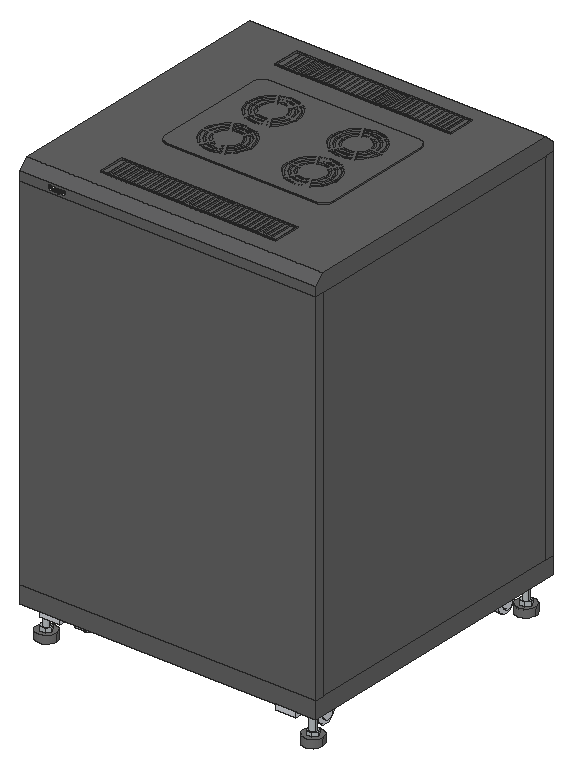
Revit family "BARPA_Norma3_LOD5", category Electrical Equipment, Revit 2016
Family settings
  Part Type = Other Panel
  Round Connector Dimension = Use Diameter
  Work Plane-Based = No
  Always vertical = Yes
  Cut with Voids When Loaded = No
  Shared = No
  Room Calculation Point = No
Parameters (values of type "Norma 3 - 15U 600x600")
  Model = "82341315606"
  Manufacturer = "BARPA"
  IfcExportType = "DATACABINET"  # constant formula
  IfcExportAs = "IfcBuildingElementProxy"  # constant formula
  Description = "Rack Norma 3 - 15U 600x600"
  Classification.Uniclass.Pr.Number [instance] = "Pr_80_77_28_21"
  Classification.Uniclass.Pr.Description [instance] = "Data equipment cabinets"
  BARPA_Width = 600 mm
  BARPA_Standard = "ANSI/EIA RS-310-D; IEC60297-2; DIN41494 Part 1 and 7"
  BARPA_Material = "SPCC Cold Rolled Steel; 19’’ rails: 2.0mm; Casters tray: 2.0mm; Others 1.2mm"
  BARPA_Loading Capacity = 800.00 kg
  BARPA_Length = 600 mm
  BARPA_Instructions Video = "https://www.youtube.com/watch?v=ZCFd8rV6CMY"
  BARPA_Instructions Manual = "https://www.barpa.eu/fotos/produtos/im_norma_4087523285b8e6837eddc6.pdf"
  BARPA_Height = 870 mm
  BARPA_Earth Connection = yes
  BARPA_EAN Code = "5608445005793"
  BARPA_Description = "Norma cabinet was designed for Networking Rooms. It’s available in a range of heights and depths and accommodate a load of up to 800 kg."
  BARPA_Declaration of Conformity = "https://www.barpa.eu/fotos/produtos/declaration_of_conformity_norma_657940406584164edab19a.pdf"
  BARPA_Datasheet = "https://www.barpa.eu/fotos/produtos/b34_racknorma_eng_1098154579584164edadc91.pdf"
  BARPA_Color = "Black (RAL9004)"
Types (29, lengths in mm): name | Model | Description | BARPA_Width | BARPA_Length | BARPA_Height | BARPA_EAN Code
  (no name) | "82341315606" | "Rack Norma 3 - 15U 600x600" | 600 | 600 | 870 | "5608445005793"
  Norma 3 - 15U 600x600 | "82341315606" | "Rack Norma 3 - 15U 600x600" | 600 | 600 | 870 | "5608445005793"
  Norma 3 - 15U 600x800 | "82341315608" | "Rack Norma 3 - 15U 600x800" | 600 | 800 | 870 | "5608445005809"
  Norma 3 - 20U 600x600 | "82341320606" | "Rack Norma 3 - 20U 600x600" | 600 | 600 | 1092 | "5608445005816"
  Norma 3 - 20U 600x800 | "82341320608" | "Rack Norma 3 - 20U 600x800" | 600 | 800 | 1092 | "5608445005823"
  Norma 3 - 24U 600x600 | "82341324606" | "Rack Norma 3 - 24U 600x600" | 600 | 600 | 1270 | "5608445005830"
  Norma 3 - 24U 600x800 | "82341324608" | "Rack Norma 3 - 24U 600x800" | 600 | 800 | 1270 | "5608445005847"
  Norma 3 - 29U 600x600 | "82341329606" | "Rack Norma 3 - 29U 600x600" | 600 | 600 | 1492 | "5608445005854"
  Norma 3 - 29U 600x800 | "82341329608" | "Rack Norma 3 - 29U 600x800" | 600 | 800 | 1492 | "5608445005861"
  Norma 3 - 33U 600x600 | "82341333606" | "Rack Norma 3 - 33U 600x600" | 600 | 600 | 1670 | "5608445005878"
  Norma 3 - 33U 600x800 | "82341333608" | "Rack Norma 3 - 33U 600x800" | 600 | 800 | 1670 | "5608445005885"
  Norma 3 - 38U 600x600 | "82341338606" | "Rack Norma 3 - 38U 600x600" | 600 | 600 | 1892 | "5608445005892"
  Norma 3 - 38U 600x800 | "82341338608" | "Rack Norma 3 - 38U 600x800" | 600 | 800 | 1892 | "5608445005908"
  Norma 3 - 38U 600x1000 | "82341338610" | "Rack Norma 3 - 38U 600x1000" | 600 | 1000 | 1892 | "5608445005915"
  Norma 3 - 38U 800x600 | "82341338806" | "Rack Norma 3 - 38U 800x600" | 800 | 600 | 1892 | "5608445005922"
  Norma 3 - 38U 800x800 | "82341338808" | "Rack Norma 3 - 38U 800x800" | 800 | 800 | 1892 | "5608445005939"
  Norma 3 - 38U 800x1000 | "82341338810" | "Rack Norma 3 - 38U 800x1000" | 800 | 1000 | 1892 | "5608445005946"
  Norma 3 - 42U 600x600 | "82341342606" | "Rack Norma 3 - 42U 600x600" | 600 | 600 | 2070 | "5608445005953"
  Norma 3 - 42U 600x800 | "82341342608" | "Rack Norma 3 - 42U 600x800" | 600 | 800 | 2070 | "5608445005960"
  Norma 3 - 42U 600x1000 | "82341342610" | "Rack Norma 3 - 42U 600x1000" | 600 | 1000 | 2070 | "5608445005977"
  Norma 3 - 42U 800x600 | "82341342806" | "Rack Norma 3 - 42U 800x600" | 800 | 600 | 2070 | "5608445005984"
  Norma 3 - 42U 800x800 | "82341342808" | "Rack Norma 3 - 42U 800x800" | 800 | 800 | 2070 | "5608445005991"
  Norma 3 - 42U 800x1000 | "82341342810" | "Rack Norma 3 - 42U 800x1000" | 800 | 1000 | 2070 | "5608445006004"
  Norma 3 - 47U 600x600 | "82341347606" | "Rack Norma 3 - 47U 600x600" | 600 | 600 | 2292 | "5608445006011"
  Norma 3 - 47U 600x800 | "82341347608" | "Rack Norma 3 - 47U 600x800" | 600 | 800 | 2292 | "5608445006028"
  Norma 3 - 47U 600x1000 | "82341347610" | "Rack Norma 3 - 47U 600x1000" | 600 | 1000 | 2292 | "5608445006035"
  Norma 3 - 47U 800x600 | "82341347806" | "Rack Norma 3 - 47U 800x600" | 800 | 600 | 2292 | "5608445006042"
  Norma 3 - 47U 800x800 | "82341347808" | "Rack Norma 3 - 47U 800x800" | 800 | 800 | 2292 | "5608445006059"
  Norma 3 - 47U 800x1000 | "82341347810" | "Rack Norma 3 - 47U 800x1000" | 800 | 1000 | 2292 | "5608445006066"
Reference planes
  plane 1 "Center (Front/Back)": y = 0
  plane 2: z = 0
  plane 3 "Center (Left/Right)": x = 0
  plane 4: x = -300
  plane 5: y = -600
  plane 6 "Top Bottom": z = 832
  plane 7: x = -283.4
  plane 8: x = 283.4
  plane 9: x = 300
  plane 10: z = 870
  plane 11: z = 98
  plane 12: y = -583.4
  plane 13: y = -16.6
  plane 14: y = -582.4
  plane 15: y = -17.6
  plane 16: z = 761
  plane 17: z = 169
  plane 18: x = 0.5
  plane 19: x = -0.5
Forms (mm)
  Extrusion 1, solid, material "Steel paint black (RAL9004)"
    sketch origin (0, 0, 0) x (1, 0, 0) y (0, 1, 0)
      loop
        line (-300, 0) -> (-300, -16.6) -> (-0.5, -16.6) -> (-0.5, 0) -> (-300, 0)
      loop
        line (300, -16.6) -> (300, 0) -> (0.5, 0) -> (0.5, -16.6) -> (300, -16.6)
      loop
        line (-300, -583.4) -> (-300, -600) -> (300, -600) -> (300, -583.4) -> (-300, -583.4)
      loop
        line (283.4, -17.6) -> (283.4, -582.4) -> (300, -582.4) -> (300, -17.6) -> (283.4, -17.6)
      loop
        line (-300, -17.6) -> (-300, -582.4) -> (-283.4, -582.4) -> (-283.4, -17.6) -> (-300, -17.6)
    from 98 to 832
Dimensions and locks
  equal spacing: plane 7, plane 3 "Center (Left/Right)", plane 8
  equal spacing: plane 4, plane 3 "Center (Left/Right)", plane 9
  "BARPA_Width": plane 4 to plane 9
  "BARPA_Length": plane 5 to plane 1 "Center (Front/Back)"
  locked: plane 5 to plane 12 at 16.6
  locked: plane 13 to plane 1 "Center (Front/Back)" at 16.6
  locked: plane 8 to plane 9 at 16.6
  locked: plane 10 to plane 6 "Top Bottom" at 38
  "BARPA_Height": plane 10 to level
  locked: plane 15 to plane 13 at 1
  locked: plane 12 to plane 14 at 1
  plane 11 to level = 98 mm
  locked: plane 6 "Top Bottom" to plane 16 at 71
  locked: plane 17 to plane 11 at 71
  equal spacing: plane 19, plane 3 "Center (Left/Right)", plane 18
  locked: plane 19 to plane 3 "Center (Left/Right)" at 0.5
  aligned and locked: level to plane 2
  aligned and locked: Extrusion 1 sketch curve to plane 5
  aligned and locked: Extrusion 1 sketch curve to plane 9  (x3)
  aligned and locked: plane 4 to Extrusion 1 sketch curve  (x3)
  aligned and locked: plane 12 to Extrusion 1 sketch curve
  aligned and locked: plane 1 "Center (Front/Back)" to Extrusion 1 sketch curve
  aligned and locked: Extrusion 1 sketch curve to plane 13
  aligned and locked: plane 15 to Extrusion 1 sketch curve  (x2)
  aligned and locked: Extrusion 1 sketch curve to plane 14  (x2)
  aligned and locked: Extrusion 1 sketch curve to plane 7
  aligned and locked: plane 8 to Extrusion 1 sketch curve
  aligned and locked: plane 3 "Center (Left/Right)" to nested 2
  aligned and locked: plane 3 "Center (Left/Right)" to nested 1
  aligned and locked: plane 1 "Center (Front/Back)" to nested 2
  aligned and locked: plane 1 "Center (Front/Back)" to nested 1
  aligned and locked: plane 18 to Extrusion 1 sketch curve
  aligned and locked: plane 19 to Extrusion 1 sketch curve
  aligned and locked: Extrusion 1 to plane 6 "Top Bottom"
  aligned and locked: plane 11 to Extrusion 1
Automatic sketch dimensions
  plane 13 to Extrusion 1 sketch curve = 0 mm
  plane 1 "Center (Front/Back)" to Extrusion 1 sketch curve = 0 mm
Nested families
  nested 1: "Norma-Base" at (0, 0, 0), type "Standard"
  nested 2: "Norma-Top Cover" at (0, 0, 832), type "Standard"
Connectors
  electrical at (-150.25, 0, 465)
    settings: on Extrusion 1, index 1, voltage 0 V, apparent load 0 VA, apparent load phase1 0 VA, apparent load phase2 0 VA, apparent load phase3 0 VA, power factor 1, load classification "Other", number of poles 1, system type 5, power factor state 1, is connector primary yes, connector utility no, sub classification motor no, connector description ""
Definition of nested family "Norma-Base"
  Parameters (values of type "Standard")
    Width = 600 mm
    Model = ""
    Material = none
    Manufacturer = ""
    Length = 600 mm
    Description = ""
    Default Elevation = 0 mm
  Reference planes
    plane 1 "Center (Front/Back)": y = 0
    plane 2: z = 0
    plane 3 "Center (Left/Right)": x = 0
    plane 4: x = -300
    plane 5: y = -600
    plane 6: x = -239
    plane 7: x = -193
    plane 8: x = 193
    plane 9: x = 239
    plane 10: x = 300
    plane 11: z = 64
    plane 12: z = 98
    plane 13: y = -44.3
    plane 14: y = -486.2
    plane 15: y = -113.8
    plane 16: y = -154
    plane 17: y = -430
    plane 18: y = -555.7
    plane 19: x = -190
    plane 20: x = 190
    plane 21: z = 62
    plane 22: z = 54
    plane 23: y = -72
    plane 24: y = -528
    plane 25: y = -570
    plane 26: x = 270
    plane 27: x = -270
    plane 28: y = -30
  Forms (mm)
    Extrusion 1, solid, material <- "Material"
      sketch origin (0, 0, 0) x (1, 0, 0) y (0, 1, 0)
        loop
          line (-300, 0) -> (-300, -600) -> (300, -600) -> (300, 0) -> (-300, 0)
      from 64 to 98
    Extrusion 2, solid, material <- "Material", detail levels fine
      sketch origin (0, 0, 0) x (1, 0, 0) y (0, 1, 0)
        loop
          arc (-180, -154) -> (-187.071, -156.929) -> (-190, -164) r 10
          line (-190, -164) -> (-190, -420)
          arc (-190, -420) -> (-187.071, -427.071) -> (-180, -430) r 10
          line (-180, -430) -> (180, -430)
          arc (180, -430) -> (187.071, -427.071) -> (190, -420) r 10
          line (190, -420) -> (190, -164)
          arc (190, -164) -> (187.071, -156.929) -> (180, -154) r 10
          line (180, -154) -> (-180, -154)
        loop
          arc (-183, -486.2) -> (-190.071, -489.129) -> (-193, -496.2) r 10
          line (-193, -496.2) -> (-193, -545.7)
          arc (-193, -545.7) -> (-190.071, -552.771) -> (-183, -555.7) r 10
          line (-183, -555.7) -> (183, -555.7)
          arc (183, -555.7) -> (190.071, -552.771) -> (193, -545.7) r 10
          line (193, -545.7) -> (193, -496.2)
          arc (193, -496.2) -> (190.071, -489.129) -> (183, -486.2) r 10
          line (183, -486.2) -> (-183, -486.2)
        loop
          arc (-183, -44.3) -> (-190.071, -47.229) -> (-193, -54.3) r 10
          line (-193, -54.3) -> (-193, -103.8)
          arc (-193, -103.8) -> (-190.071, -110.871) -> (-183, -113.8) r 10
          line (-183, -113.8) -> (183, -113.8)
          arc (183, -113.8) -> (190.071, -110.871) -> (193, -103.8) r 10
          line (193, -103.8) -> (193, -54.3)
          arc (193, -54.3) -> (190.071, -47.229) -> (183, -44.3) r 10
          line (183, -44.3) -> (-183, -44.3)
      from 62 to 64
    Sweep 3, solid
      path origin (0, 0, 0) x (1, 0, 0) y (0, 1, 0)
        loop
          line (-239, 0) -> (-239, -600)
      profile origin (-239, -300, 0) x (1, 0, 0) y (0, 0, 1)
        loop
          line (498.5, 54) -> (498.5, 64) -> (457.5, 64) -> (457.5, 54) -> (498.5, 54)
    Sweep 4, solid
      path origin (0, 0, 0) x (1, 0, 0) y (0, 1, 0)
        loop
          line (-239, 0) -> (-239, -600)
      profile origin (-239, -300, 0) x (1, 0, 0) y (0, 0, 1)
        loop
          line (-20.5, 54) -> (20.5, 54) -> (20.5, 64) -> (-20.5, 64) -> (-20.5, 54)
  Dimensions and locks
    equal spacing: plane 4, plane 3 "Center (Left/Right)", plane 10
    equal spacing: plane 7, plane 3 "Center (Left/Right)", plane 8
    "Width": plane 4 to plane 10
    "Length": plane 5 to plane 1 "Center (Front/Back)"
    equal spacing: plane 19, plane 3 "Center (Left/Right)", plane 20
    locked: plane 19 to plane 20 at 380
    locked: plane 7 to plane 8 at 386
    locked: plane 9 to plane 10 at 61
    locked: plane 4 to plane 6 at 61
    locked: plane 15 to plane 13 at 69.5
    locked: plane 18 to plane 14 at 69.5
    locked: plane 17 to plane 16 at 276
    locked: plane 5 to plane 18 at 44.3
    locked: plane 13 to plane 1 "Center (Front/Back)" at 44.3
    locked: plane 12 to plane 11 at 34
    locked: plane 11 to level at 64
    locked: plane 11 to plane 21 at 2
    locked: plane 5 to plane 24 at 72
    locked: plane 23 to plane 1 "Center (Front/Back)" at 72
    locked: plane 26 to plane 10 at 30
    locked: plane 4 to plane 27 at 30
    locked: plane 5 to plane 25 at 30
    locked: plane 28 to plane 1 "Center (Front/Back)" at 30
    locked: plane 16 to plane 1 "Center (Front/Back)" at 154
    radius of Extrusion 2 sketch curve = 10 mm  (x12)
    aligned and locked: level to plane 2
    aligned and locked: plane 1 "Center (Front/Back)" to Extrusion 1 sketch curve
    aligned and locked: Extrusion 1 sketch curve to plane 5
    aligned and locked: plane 4 to Extrusion 1 sketch curve
    aligned and locked: Extrusion 1 sketch curve to plane 10
    aligned and locked: Extrusion 1 to plane 12
    aligned and locked: plane 11 to Extrusion 1
    aligned and locked: plane 13 to Extrusion 2 sketch curve
    aligned and locked: plane 7 to Extrusion 2 sketch curve  (x2)
    aligned and locked: Extrusion 2 sketch curve to plane 8  (x2)
    aligned and locked: Extrusion 2 sketch curve to plane 15
    aligned and locked: Extrusion 2 sketch curve to plane 20
    aligned and locked: plane 16 to Extrusion 2 sketch curve
    aligned and locked: plane 19 to Extrusion 2 sketch curve
    aligned and locked: Extrusion 2 sketch curve to plane 17
    aligned and locked: plane 14 to Extrusion 2 sketch curve
    aligned and locked: Extrusion 2 sketch curve to plane 18
    aligned and locked: Extrusion 2 to plane 11
    aligned and locked: plane 21 to Extrusion 2
    aligned and locked: plane 23 to nested 1
    aligned and locked: plane 24 to nested 2
    aligned and locked: plane 24 to nested 4
    aligned and locked: plane 23 to nested 3
    aligned and locked: plane 9 to nested 4
    aligned and locked: plane 9 to nested 3
    aligned and locked: plane 6 to nested 2
    aligned and locked: plane 6 to nested 1
    aligned and locked: Sweep 3 sketch curve to plane 6
    aligned and locked: plane 1 "Center (Front/Back)" to Sweep 3 sketch curve
    aligned and locked: plane 5 to Sweep 3 sketch curve
    aligned and locked: nested 3 to Sweep 3 sketch curve
    aligned and locked: Sweep 3 sketch curve to nested 3
    aligned and locked: plane 22 to Sweep 3 sketch curve
    aligned and locked: Sweep 3 sketch curve to plane 11
    aligned and locked: Sweep 4 sketch curve to plane 6
    aligned and locked: plane 5 to Sweep 4 sketch curve
    aligned and locked: plane 1 "Center (Front/Back)" to Sweep 4 sketch curve
    aligned and locked: Sweep 4 sketch curve to nested 2
    aligned and locked: plane 22 to Sweep 4 sketch curve
    aligned and locked: nested 2 to Sweep 4 sketch curve
    aligned and locked: Sweep 4 sketch curve to plane 11
    aligned and locked: nested 8 to level
    aligned and locked: plane 11 to nested 7
    aligned and locked: nested 7 to level
    aligned and locked: plane 11 to nested 8
    aligned and locked: level to nested 8
    aligned and locked: plane 27 to nested 8
    aligned and locked: plane 27 to nested 7
    aligned and locked: nested 6 to level
    aligned and locked: plane 11 to nested 6
    aligned and locked: plane 11 to nested 5
    aligned and locked: nested 5 to level
    aligned and locked: plane 26 to nested 6
    aligned and locked: plane 26 to nested 5
    aligned and locked: plane 25 to nested 8
    aligned and locked: plane 28 to nested 7
    aligned and locked: plane 25 to nested 6
    aligned and locked: plane 28 to nested 5
  Automatic sketch dimensions
    Extrusion 2 sketch curve to plane 7 = 0 mm
  Nested families
    nested 1: "Wheel" at (-239, -72, 0), type "Wheel"
    nested 2: "Wheel" at (-239, -528, 0), type "Wheel"
    nested 3: "Wheel" at (239, -72, 0), type "Wheel"
    nested 4: "Wheel" at (239, -528, 0), type "Wheel"
    nested 5: "Adjustable Foot" at (270, -30, 0), type "Standard", detail levels fine
      with Height 64 mm
    nested 6: "Adjustable Foot" at (270, -570, 0), type "Standard", detail levels fine
      with Height 64 mm
    nested 7: "Adjustable Foot" at (-270, -30, 0), type "Standard", detail levels fine
      with Height 64 mm
    nested 8: "Adjustable Foot" at (-270, -570, 0), type "Standard", detail levels fine
      with Height 64 mm
  Definition of nested family "Wheel"
    Parameters (values of type "Wheel")
      Model = ""
      Manufacturer = ""
      Description = ""
    Reference planes
      plane 1 "Center (Front/Back)": y = 0
      plane 2: z = 0
      plane 3 "Center (Left/Right)": x = 0
      plane 4: z = 54
    Forms (mm)
      Extrusion 1, solid
        sketch origin (0, 0, 0) x (1, 0, 0) y (0, 1, 0)
          loop
            line (-20.5, 20.5) -> (-20.5, -20.5) -> (20.5, -20.5) -> (20.5, 20.5) -> (-20.5, 20.5)
        from 51 to 54
      Extrusion 2, solid
        sketch origin (0, 0, 0) x (0, 1, 0) y (0, 0, 1)
          loop
            circle (18, 19) r 19
        from -9.5 to 9.5
      Extrusion 3, solid
        sketch origin (0, 0, 0) x (0, 1, 0) y (0, 0, 1)
          loop
            arc (9.931, 13.093) -> (24.225, 11.174) -> (25.571, 25.533) r 10
            line (25.571, 25.533) -> (12.5, 40.682) -> (12.5, 51) -> (-12.5, 51) -> (-12.5, 43.732) -> (9.931, 13.093)
        from 11 to 14
      Extrusion 4, solid
        sketch origin (0, 0, 0) x (0, 1, 0) y (0, 0, 1)
          loop
            arc (9.931, 13.093) -> (24.225, 11.174) -> (25.571, 25.533) r 10
            line (25.571, 25.533) -> (12.5, 40.682) -> (12.5, 51) -> (-12.5, 51) -> (-12.5, 43.732) -> (9.931, 13.093)
        from -11 to -14
    Dimensions and locks
      aligned and locked: level to plane 2
      aligned and locked: Extrusion 1 to plane 4
  Definition of nested family "Adjustable Foot"
    Parameters (values of type "Standard")
      Model = ""
      Manufacturer = ""
      Height [instance] = 60 mm
      Description = ""
    Reference planes
      plane 1 "Center (Front/Back)": y = 0
      plane 2: z = 0
      plane 3 "Center (Left/Right)": x = 0
      plane 4: z = 15
      plane 5: z = 23
      plane 6: z = 50
      plane 7: z = 60
    Forms (mm)
      Sweep 1, solid
        path origin (0, 0, 0) x (1, 0, 0) y (0, 0, 1)
          loop
            line (0, 60) -> (0, 50)
        profile "Profile-Hexagon : M12" origin (0, 0, 55) x (1, 0, 0) y (0, -1, 0)
          loop
            line (10.97, 0) -> (5.485, 9.5) -> (-5.485, 9.5) -> (-10.97, 0) -> (-5.485, -9.5) -> (5.485, -9.5) -> (10.97, 0)
      Sweep 2, solid
        path origin (0, 0, -24) x (1, 0, 0) y (0, 0, 1)
          loop
            line (0, 47) -> (0, 39)
        profile "Profile-Hexagon : M12" origin (0, 0, 19) x (1, 0, 0) y (0, -1, 0)
          loop
            line (10.97, 0) -> (5.485, 9.5) -> (-5.485, 9.5) -> (-10.97, 0) -> (-5.485, -9.5) -> (5.485, -9.5) -> (10.97, 0)
      Sweep 3, solid
        path origin (0, 0, 0) x (1, 0, 0) y (0, 0, 1)
          loop
            line (0, 15) -> (0, 0)
        profile "Profile-Circle : Foot" origin (0, 0, 7.5) x (1, 0, 0) y (0, -1, 0)
          loop
            circle (0, 0) r 20
      Sweep 4, solid
        path origin (0, 0, 37) x (1, 0, 0) y (0, 0, 1)
          loop
            line (0, 13) -> (0, -14)
        profile "Profile-Circle : M12 Screw" origin (0, 0, 36.5) x (1, 0, 0) y (0, -1, 0)
          loop
            circle (0, 0) r 6
    Dimensions and locks
      locked: plane 7 to plane 6 at 10
      locked: plane 5 to plane 4 at 8
      locked: plane 4 to level at 15
      "Height": plane 7 to plane 2
      aligned and locked: level to plane 2
      aligned and locked: Sweep 1 sketch curve to plane 3 "Center (Left/Right)"
      aligned and locked: plane 7 to Sweep 1 sketch curve
      aligned and locked: plane 6 to Sweep 1 sketch curve
      aligned and locked: Sweep 2 sketch curve to plane 3 "Center (Left/Right)"
      aligned and locked: plane 4 to Sweep 2 sketch curve
      aligned and locked: plane 5 to Sweep 2 sketch curve
      aligned and locked: Sweep 3 sketch curve to plane 3 "Center (Left/Right)"
      aligned and locked: level to Sweep 3 sketch curve
      aligned and locked: plane 4 to Sweep 3 sketch curve
      aligned and locked: Sweep 4 sketch curve to plane 3 "Center (Left/Right)"
      aligned and locked: plane 6 to Sweep 4 sketch curve
      aligned and locked: plane 5 to Sweep 4 sketch curve
Definition of nested family "Norma-Top Cover"
  Parameters (values of type "Standard")
    Width = 600 mm
    Model = ""
    Material = none
    Manufacturer = ""
    Length = 600 mm
    Description = ""
    Default Elevation = 0 mm
  Reference planes
    plane 1 "Center (Front/Back)": y = 0
    plane 2: z = 0
    plane 3 "Center (Left/Right)": x = 0
    plane 4: x = -300
    plane 5: y = -600
    plane 6: x = -242
    plane 7: x = -178
    plane 8: x = 178
    plane 9: x = 242
    plane 10: x = 300
    plane 11: z = 18
    plane 12: z = 36
    plane 13: y = -582
    plane 14: y = -51.3
    plane 15: y = -18
    plane 16: y = -493.7
    plane 17: y = -106.3
    plane 18: y = -153
    plane 19: y = -413
    plane 20: y = -548.7
    plane 21: x = -170
    plane 22: x = 170
    plane 23: z = 38
  Forms (mm)
    Extrusion 1, solid, material <- "Material"
      sketch origin (0, 0, 0) x (0, 1, 0) y (0, 0, 1)
        loop
          line (-600, 18) -> (-600, 0) -> (0, 0) -> (0, 18) -> (-18, 36) -> (-582, 36) -> (-600, 18)
      from -300 to 300
    Extrusion 2, solid, material <- "Material", detail levels fine
      sketch origin (0, 0, 0) x (1, 0, 0) y (0, 1, 0)
        loop
          arc (-150, -153) -> (-164.142, -158.858) -> (-170, -173) r 20
          line (-170, -173) -> (-170, -393)
          arc (-170, -393) -> (-164.142, -407.142) -> (-150, -413) r 20
          line (-150, -413) -> (150, -413)
          arc (150, -413) -> (164.142, -407.142) -> (170, -393) r 20
          line (170, -393) -> (170, -173)
          arc (170, -173) -> (164.142, -158.858) -> (150, -153) r 20
          line (150, -153) -> (-150, -153)
        loop
          arc (135.91, -223) -> (129.301, -201) -> (113.553, -184.277) r 50
          line (113.553, -184.277) -> (111.048, -188.616)
          arc (111.048, -188.616) -> (124.971, -203.5) -> (130.9, -223) r 45
          line (130.9, -223) -> (135.91, -223)
        loop
          arc (125.887, -223) -> (120.641, -206) -> (108.542, -192.957) r 40
          line (108.542, -192.957) -> (106.034, -197.301)
          arc (106.034, -197.301) -> (116.311, -208.5) -> (120.871, -223) r 35
          line (120.871, -223) -> (125.887, -223)
        loop
          arc (115.85, -223) -> (111.981, -211) -> (103.523, -201.649) r 30
          line (103.523, -201.649) -> (101.008, -206.006)
          arc (101.008, -206.006) -> (107.651, -213.5) -> (110.819, -223) r 25
          line (110.819, -223) -> (115.85, -223)
        loop
          line (36.09, -223) -> (41.1, -223)
          arc (41.1, -223) -> (47.029, -203.5) -> (60.952, -188.616) r 45
          line (60.952, -188.616) -> (58.447, -184.277)
          arc (58.447, -184.277) -> (42.699, -201) -> (36.09, -223) r 50
        loop
          arc (108.357, -181.277) -> (86, -176) -> (63.643, -181.277) r 50
          line (63.643, -181.277) -> (66.148, -185.616)
          arc (66.148, -185.616) -> (86, -181) -> (105.852, -185.616) r 45
          line (105.852, -185.616) -> (108.357, -181.277)
        loop
          arc (103.346, -189.957) -> (86, -186) -> (68.654, -189.957) r 40
          line (68.654, -189.957) -> (71.162, -194.301)
          arc (71.162, -194.301) -> (86, -191) -> (100.838, -194.301) r 35
          line (100.838, -194.301) -> (103.346, -189.957)
        loop
          arc (98.327, -198.649) -> (86, -196) -> (73.673, -198.649) r 30
          line (73.673, -198.649) -> (76.188, -203.006)
          arc (76.188, -203.006) -> (86, -201) -> (95.812, -203.006) r 25
          line (95.812, -203.006) -> (98.327, -198.649)
        loop
          arc (63.458, -192.957) -> (51.359, -206) -> (46.113, -223) r 40
          line (46.113, -223) -> (51.129, -223)
          arc (51.129, -223) -> (55.689, -208.5) -> (65.966, -197.301) r 35
          line (65.966, -197.301) -> (63.458, -192.957)
        loop
          arc (68.477, -201.649) -> (60.019, -211) -> (56.15, -223) r 30
          line (56.15, -223) -> (61.181, -223)
          arc (61.181, -223) -> (64.349, -213.5) -> (70.992, -206.006) r 25
          line (70.992, -206.006) -> (68.477, -201.649)
        loop
          arc (36.09, -229) -> (42.699, -251) -> (58.447, -267.723) r 50
          line (58.447, -267.723) -> (60.952, -263.384)
          arc (60.952, -263.384) -> (47.029, -248.5) -> (41.1, -229) r 45
          line (41.1, -229) -> (36.09, -229)
        loop
          arc (46.113, -229) -> (51.359, -246) -> (63.458, -259.043) r 40
          line (63.458, -259.043) -> (65.966, -254.699)
          arc (65.966, -254.699) -> (55.689, -243.5) -> (51.129, -229) r 35
          line (51.129, -229) -> (46.113, -229)
        loop
          arc (56.15, -229) -> (60.019, -241) -> (68.477, -250.351) r 30
          line (68.477, -250.351) -> (70.992, -245.994)
          arc (70.992, -245.994) -> (64.349, -238.5) -> (61.181, -229) r 25
          line (61.181, -229) -> (56.15, -229)
        loop
          line (135.91, -229) -> (130.9, -229)
          arc (130.9, -229) -> (124.971, -248.5) -> (111.048, -263.384) r 45
          line (111.048, -263.384) -> (113.553, -267.723)
          arc (113.553, -267.723) -> (129.301, -251) -> (135.91, -229) r 50
        loop
          arc (63.643, -270.723) -> (86, -276) -> (108.357, -270.723) r 50
          line (108.357, -270.723) -> (105.852, -266.384)
          arc (105.852, -266.384) -> (86, -271) -> (66.148, -266.384) r 45
          line (66.148, -266.384) -> (63.643, -270.723)
        loop
          arc (68.654, -262.043) -> (86, -266) -> (103.346, -262.043) r 40
          line (103.346, -262.043) -> (100.838, -257.699)
          arc (100.838, -257.699) -> (86, -261) -> (71.162, -257.699) r 35
          line (71.162, -257.699) -> (68.654, -262.043)
        loop
          arc (73.673, -253.351) -> (86, -256) -> (98.327, -253.351) r 30
          line (98.327, -253.351) -> (95.812, -248.994)
          arc (95.812, -248.994) -> (86, -251) -> (76.188, -248.994) r 25
          line (76.188, -248.994) -> (73.673, -253.351)
        loop
          arc (108.542, -259.043) -> (120.641, -246) -> (125.887, -229) r 40
          line (125.887, -229) -> (120.871, -229)
          arc (120.871, -229) -> (116.311, -243.5) -> (106.034, -254.699) r 35
          line (106.034, -254.699) -> (108.542, -259.043)
        loop
          arc (103.523, -250.351) -> (111.981, -241) -> (115.85, -229) r 30
          line (115.85, -229) -> (110.819, -229)
          arc (110.819, -229) -> (107.651, -238.5) -> (101.008, -245.994) r 25
          line (101.008, -245.994) -> (103.523, -250.351)
        loop
          arc (-36.09, -223) -> (-42.699, -201) -> (-58.447, -184.277) r 50
          line (-58.447, -184.277) -> (-60.952, -188.616)
          arc (-60.952, -188.616) -> (-47.029, -203.5) -> (-41.1, -223) r 45
          line (-41.1, -223) -> (-36.09, -223)
        loop
          arc (-46.113, -223) -> (-51.359, -206) -> (-63.458, -192.957) r 40
          line (-63.458, -192.957) -> (-65.966, -197.301)
          arc (-65.966, -197.301) -> (-55.689, -208.5) -> (-51.129, -223) r 35
          line (-51.129, -223) -> (-46.113, -223)
        loop
          arc (-56.15, -223) -> (-60.019, -211) -> (-68.477, -201.649) r 30
          line (-68.477, -201.649) -> (-70.992, -206.006)
          arc (-70.992, -206.006) -> (-64.349, -213.5) -> (-61.181, -223) r 25
          line (-61.181, -223) -> (-56.15, -223)
        loop
          line (-135.91, -223) -> (-130.9, -223)
          arc (-130.9, -223) -> (-124.971, -203.5) -> (-111.048, -188.616) r 45
          line (-111.048, -188.616) -> (-113.553, -184.277)
          arc (-113.553, -184.277) -> (-129.301, -201) -> (-135.91, -223) r 50
        loop
          arc (-63.643, -181.277) -> (-86, -176) -> (-108.357, -181.277) r 50
          line (-108.357, -181.277) -> (-105.852, -185.616)
          arc (-105.852, -185.616) -> (-86, -181) -> (-66.148, -185.616) r 45
          line (-66.148, -185.616) -> (-63.643, -181.277)
        loop
          arc (-68.654, -189.957) -> (-86, -186) -> (-103.346, -189.957) r 40
          line (-103.346, -189.957) -> (-100.838, -194.301)
          arc (-100.838, -194.301) -> (-86, -191) -> (-71.162, -194.301) r 35
          line (-71.162, -194.301) -> (-68.654, -189.957)
        loop
          arc (-73.673, -198.649) -> (-86, -196) -> (-98.327, -198.649) r 30
          line (-98.327, -198.649) -> (-95.812, -203.006)
          arc (-95.812, -203.006) -> (-86, -201) -> (-76.188, -203.006) r 25
          line (-76.188, -203.006) -> (-73.673, -198.649)
        loop
          arc (-108.542, -192.957) -> (-120.641, -206) -> (-125.887, -223) r 40
          line (-125.887, -223) -> (-120.871, -223)
          arc (-120.871, -223) -> (-116.311, -208.5) -> (-106.034, -197.301) r 35
          line (-106.034, -197.301) -> (-108.542, -192.957)
        loop
          arc (-103.523, -201.649) -> (-111.981, -211) -> (-115.85, -223) r 30
          line (-115.85, -223) -> (-110.819, -223)
          arc (-110.819, -223) -> (-107.651, -213.5) -> (-101.008, -206.006) r 25
          line (-101.008, -206.006) -> (-103.523, -201.649)
        loop
          arc (-135.91, -229) -> (-129.301, -251) -> (-113.553, -267.723) r 50
          line (-113.553, -267.723) -> (-111.048, -263.384)
          arc (-111.048, -263.384) -> (-124.971, -248.5) -> (-130.9, -229) r 45
          line (-130.9, -229) -> (-135.91, -229)
        loop
          arc (-125.887, -229) -> (-120.641, -246) -> (-108.542, -259.043) r 40
          line (-108.542, -259.043) -> (-106.034, -254.699)
          arc (-106.034, -254.699) -> (-116.311, -243.5) -> (-120.871, -229) r 35
          line (-120.871, -229) -> (-125.887, -229)
        loop
          arc (-115.85, -229) -> (-111.981, -241) -> (-103.523, -250.351) r 30
          line (-103.523, -250.351) -> (-101.008, -245.994)
          arc (-101.008, -245.994) -> (-107.651, -238.5) -> (-110.819, -229) r 25
          line (-110.819, -229) -> (-115.85, -229)
        loop
          line (-36.09, -229) -> (-41.1, -229)
          arc (-41.1, -229) -> (-47.029, -248.5) -> (-60.952, -263.384) r 45
          line (-60.952, -263.384) -> (-58.447, -267.723)
          arc (-58.447, -267.723) -> (-42.699, -251) -> (-36.09, -229) r 50
        loop
          arc (-108.357, -270.723) -> (-86, -276) -> (-63.643, -270.723) r 50
          line (-63.643, -270.723) -> (-66.148, -266.384)
          arc (-66.148, -266.384) -> (-86, -271) -> (-105.852, -266.384) r 45
          line (-105.852, -266.384) -> (-108.357, -270.723)
        loop
          arc (-103.346, -262.043) -> (-86, -266) -> (-68.654, -262.043) r 40
          line (-68.654, -262.043) -> (-71.162, -257.699)
          arc (-71.162, -257.699) -> (-86, -261) -> (-100.838, -257.699) r 35
          line (-100.838, -257.699) -> (-103.346, -262.043)
        loop
          arc (-98.327, -253.351) -> (-86, -256) -> (-73.673, -253.351) r 30
          line (-73.673, -253.351) -> (-76.188, -248.994)
          arc (-76.188, -248.994) -> (-86, -251) -> (-95.812, -248.994) r 25
          line (-95.812, -248.994) -> (-98.327, -253.351)
        loop
          arc (-63.458, -259.043) -> (-51.359, -246) -> (-46.113, -229) r 40
          line (-46.113, -229) -> (-51.129, -229)
          arc (-51.129, -229) -> (-55.689, -243.5) -> (-65.966, -254.699) r 35
          line (-65.966, -254.699) -> (-63.458, -259.043)
        loop
          arc (-68.477, -250.351) -> (-60.019, -241) -> (-56.15, -229) r 30
          line (-56.15, -229) -> (-61.181, -229)
          arc (-61.181, -229) -> (-64.349, -238.5) -> (-70.992, -245.994) r 25
          line (-70.992, -245.994) -> (-68.477, -250.351)
        loop
          arc (-36.09, -337) -> (-42.699, -315) -> (-58.447, -298.277) r 50
          line (-58.447, -298.277) -> (-60.952, -302.616)
          arc (-60.952, -302.616) -> (-47.029, -317.5) -> (-41.1, -337) r 45
          line (-41.1, -337) -> (-36.09, -337)
        loop
          arc (-46.113, -337) -> (-51.359, -320) -> (-63.458, -306.957) r 40
          line (-63.458, -306.957) -> (-65.966, -311.301)
          arc (-65.966, -311.301) -> (-55.689, -322.5) -> (-51.129, -337) r 35
          line (-51.129, -337) -> (-46.113, -337)
        loop
          arc (-56.15, -337) -> (-60.019, -325) -> (-68.477, -315.649) r 30
          line (-68.477, -315.649) -> (-70.992, -320.006)
          arc (-70.992, -320.006) -> (-64.349, -327.5) -> (-61.181, -337) r 25
          line (-61.181, -337) -> (-56.15, -337)
        loop
          line (-135.91, -337) -> (-130.9, -337)
          arc (-130.9, -337) -> (-124.971, -317.5) -> (-111.048, -302.616) r 45
          line (-111.048, -302.616) -> (-113.553, -298.277)
          arc (-113.553, -298.277) -> (-129.301, -315) -> (-135.91, -337) r 50
        loop
          arc (-63.643, -295.277) -> (-86, -290) -> (-108.357, -295.277) r 50
          line (-108.357, -295.277) -> (-105.852, -299.616)
          arc (-105.852, -299.616) -> (-86, -295) -> (-66.148, -299.616) r 45
          line (-66.148, -299.616) -> (-63.643, -295.277)
        loop
          arc (-68.654, -303.957) -> (-86, -300) -> (-103.346, -303.957) r 40
          line (-103.346, -303.957) -> (-100.838, -308.301)
          arc (-100.838, -308.301) -> (-86, -305) -> (-71.162, -308.301) r 35
          line (-71.162, -308.301) -> (-68.654, -303.957)
        loop
          arc (-73.673, -312.649) -> (-86, -310) -> (-98.327, -312.649) r 30
          line (-98.327, -312.649) -> (-95.812, -317.006)
          arc (-95.812, -317.006) -> (-86, -315) -> (-76.188, -317.006) r 25
          line (-76.188, -317.006) -> (-73.673, -312.649)
        loop
          arc (-108.542, -306.957) -> (-120.641, -320) -> (-125.887, -337) r 40
          line (-125.887, -337) -> (-120.871, -337)
          arc (-120.871, -337) -> (-116.311, -322.5) -> (-106.034, -311.301) r 35
          line (-106.034, -311.301) -> (-108.542, -306.957)
        loop
          arc (-103.523, -315.649) -> (-111.981, -325) -> (-115.85, -337) r 30
          line (-115.85, -337) -> (-110.819, -337)
          arc (-110.819, -337) -> (-107.651, -327.5) -> (-101.008, -320.006) r 25
          line (-101.008, -320.006) -> (-103.523, -315.649)
        loop
          arc (-135.91, -343) -> (-129.301, -365) -> (-113.553, -381.723) r 50
          line (-113.553, -381.723) -> (-111.048, -377.384)
          arc (-111.048, -377.384) -> (-124.971, -362.5) -> (-130.9, -343) r 45
          line (-130.9, -343) -> (-135.91, -343)
        loop
          arc (-125.887, -343) -> (-120.641, -360) -> (-108.542, -373.043) r 40
          line (-108.542, -373.043) -> (-106.034, -368.699)
          arc (-106.034, -368.699) -> (-116.311, -357.5) -> (-120.871, -343) r 35
          line (-120.871, -343) -> (-125.887, -343)
        loop
          arc (-115.85, -343) -> (-111.981, -355) -> (-103.523, -364.351) r 30
          line (-103.523, -364.351) -> (-101.008, -359.994)
          arc (-101.008, -359.994) -> (-107.651, -352.5) -> (-110.819, -343) r 25
          line (-110.819, -343) -> (-115.85, -343)
        loop
          line (-36.09, -343) -> (-41.1, -343)
          arc (-41.1, -343) -> (-47.029, -362.5) -> (-60.952, -377.384) r 45
          line (-60.952, -377.384) -> (-58.447, -381.723)
          arc (-58.447, -381.723) -> (-42.699, -365) -> (-36.09, -343) r 50
        loop
          arc (-108.357, -384.723) -> (-86, -390) -> (-63.643, -384.723) r 50
          line (-63.643, -384.723) -> (-66.148, -380.384)
          arc (-66.148, -380.384) -> (-86, -385) -> (-105.852, -380.384) r 45
          line (-105.852, -380.384) -> (-108.357, -384.723)
        loop
          arc (-103.346, -376.043) -> (-86, -380) -> (-68.654, -376.043) r 40
          line (-68.654, -376.043) -> (-71.162, -371.699)
          arc (-71.162, -371.699) -> (-86, -375) -> (-100.838, -371.699) r 35
          line (-100.838, -371.699) -> (-103.346, -376.043)
        loop
          arc (-98.327, -367.351) -> (-86, -370) -> (-73.673, -367.351) r 30
          line (-73.673, -367.351) -> (-76.188, -362.994)
          arc (-76.188, -362.994) -> (-86, -365) -> (-95.812, -362.994) r 25
          line (-95.812, -362.994) -> (-98.327, -367.351)
        loop
          arc (-63.458, -373.043) -> (-51.359, -360) -> (-46.113, -343) r 40
          line (-46.113, -343) -> (-51.129, -343)
          arc (-51.129, -343) -> (-55.689, -357.5) -> (-65.966, -368.699) r 35
          line (-65.966, -368.699) -> (-63.458, -373.043)
        loop
          arc (-68.477, -364.351) -> (-60.019, -355) -> (-56.15, -343) r 30
          line (-56.15, -343) -> (-61.181, -343)
          arc (-61.181, -343) -> (-64.349, -352.5) -> (-70.992, -359.994) r 25
          line (-70.992, -359.994) -> (-68.477, -364.351)
        loop
          arc (135.91, -337) -> (129.301, -315) -> (113.553, -298.277) r 50
          line (113.553, -298.277) -> (111.048, -302.616)
          arc (111.048, -302.616) -> (124.971, -317.5) -> (130.9, -337) r 45
          line (130.9, -337) -> (135.91, -337)
        loop
          arc (125.887, -337) -> (120.641, -320) -> (108.542, -306.957) r 40
          line (108.542, -306.957) -> (106.034, -311.301)
          arc (106.034, -311.301) -> (116.311, -322.5) -> (120.871, -337) r 35
          line (120.871, -337) -> (125.887, -337)
        loop
          arc (115.85, -337) -> (111.981, -325) -> (103.523, -315.649) r 30
          line (103.523, -315.649) -> (101.008, -320.006)
          arc (101.008, -320.006) -> (107.651, -327.5) -> (110.819, -337) r 25
          line (110.819, -337) -> (115.85, -337)
        loop
          line (36.09, -337) -> (41.1, -337)
          arc (41.1, -337) -> (47.029, -317.5) -> (60.952, -302.616) r 45
          line (60.952, -302.616) -> (58.447, -298.277)
          arc (58.447, -298.277) -> (42.699, -315) -> (36.09, -337) r 50
        loop
          arc (108.357, -295.277) -> (86, -290) -> (63.643, -295.277) r 50
          line (63.643, -295.277) -> (66.148, -299.616)
          arc (66.148, -299.616) -> (86, -295) -> (105.852, -299.616) r 45
          line (105.852, -299.616) -> (108.357, -295.277)
        loop
          arc (103.346, -303.957) -> (86, -300) -> (68.654, -303.957) r 40
          line (68.654, -303.957) -> (71.162, -308.301)
          arc (71.162, -308.301) -> (86, -305) -> (100.838, -308.301) r 35
          line (100.838, -308.301) -> (103.346, -303.957)
        loop
          arc (98.327, -312.649) -> (86, -310) -> (73.673, -312.649) r 30
          line (73.673, -312.649) -> (76.188, -317.006)
          arc (76.188, -317.006) -> (86, -315) -> (95.812, -317.006) r 25
          line (95.812, -317.006) -> (98.327, -312.649)
        loop
          arc (63.458, -306.957) -> (51.359, -320) -> (46.113, -337) r 40
          line (46.113, -337) -> (51.129, -337)
          arc (51.129, -337) -> (55.689, -322.5) -> (65.966, -311.301) r 35
          line (65.966, -311.301) -> (63.458, -306.957)
        loop
          arc (68.477, -315.649) -> (60.019, -325) -> (56.15, -337) r 30
          line (56.15, -337) -> (61.181, -337)
          arc (61.181, -337) -> (64.349, -327.5) -> (70.992, -320.006) r 25
          line (70.992, -320.006) -> (68.477, -315.649)
        loop
          arc (36.09, -343) -> (42.699, -365) -> (58.447, -381.723) r 50
          line (58.447, -381.723) -> (60.952, -377.384)
          arc (60.952, -377.384) -> (47.029, -362.5) -> (41.1, -343) r 45
          line (41.1, -343) -> (36.09, -343)
        loop
          arc (46.113, -343) -> (51.359, -360) -> (63.458, -373.043) r 40
          line (63.458, -373.043) -> (65.966, -368.699)
          arc (65.966, -368.699) -> (55.689, -357.5) -> (51.129, -343) r 35
          line (51.129, -343) -> (46.113, -343)
        loop
          arc (56.15, -343) -> (60.019, -355) -> (68.477, -364.351) r 30
          line (68.477, -364.351) -> (70.992, -359.994)
          arc (70.992, -359.994) -> (64.349, -352.5) -> (61.181, -343) r 25
          line (61.181, -343) -> (56.15, -343)
        loop
          line (135.91, -343) -> (130.9, -343)
          arc (130.9, -343) -> (124.971, -362.5) -> (111.048, -377.384) r 45
          line (111.048, -377.384) -> (113.553, -381.723)
          arc (113.553, -381.723) -> (129.301, -365) -> (135.91, -343) r 50
        loop
          arc (63.643, -384.723) -> (86, -390) -> (108.357, -384.723) r 50
          line (108.357, -384.723) -> (105.852, -380.384)
          arc (105.852, -380.384) -> (86, -385) -> (66.148, -380.384) r 45
          line (66.148, -380.384) -> (63.643, -384.723)
        loop
          arc (68.654, -376.043) -> (86, -380) -> (103.346, -376.043) r 40
          line (103.346, -376.043) -> (100.838, -371.699)
          arc (100.838, -371.699) -> (86, -375) -> (71.162, -371.699) r 35
          line (71.162, -371.699) -> (68.654, -376.043)
        loop
          arc (73.673, -367.351) -> (86, -370) -> (98.327, -367.351) r 30
          line (98.327, -367.351) -> (95.812, -362.994)
          arc (95.812, -362.994) -> (86, -365) -> (76.188, -362.994) r 25
          line (76.188, -362.994) -> (73.673, -367.351)
        loop
          arc (108.542, -373.043) -> (120.641, -360) -> (125.887, -343) r 40
          line (125.887, -343) -> (120.871, -343)
          arc (120.871, -343) -> (116.311, -357.5) -> (106.034, -368.699) r 35
          line (106.034, -368.699) -> (108.542, -373.043)
        loop
          arc (103.523, -364.351) -> (111.981, -355) -> (115.85, -343) r 30
          line (115.85, -343) -> (110.819, -343)
          arc (110.819, -343) -> (107.651, -352.5) -> (101.008, -359.994) r 25
          line (101.008, -359.994) -> (103.523, -364.351)
      from 36 to 38
    Extrusion 3, solid, material <- "Material", detail levels fine
      sketch origin (0, 0, 0) x (1, 0, 0) y (0, 1, 0)
        loop
          line (-178, -51.3) -> (-178, -106.3) -> (178, -106.3) -> (178, -51.3) -> (-178, -51.3)
        loop
          line (-4.5, -52.3) -> (-4.5, -105.3) -> (4.5, -105.3) -> (4.5, -52.3) -> (-4.5, -52.3)
        loop
          line (5.5, -52.3) -> (5.5, -105.3) -> (14.5, -105.3) -> (14.5, -52.3) -> (5.5, -52.3)
        loop
          line (15.5, -52.3) -> (15.5, -105.3) -> (24.5, -105.3) -> (24.5, -52.3) -> (15.5, -52.3)
        loop
          line (-34.5, -52.3) -> (-34.5, -105.3) -> (-25.5, -105.3) -> (-25.5, -52.3) -> (-34.5, -52.3)
        loop
          line (-24.5, -52.3) -> (-24.5, -105.3) -> (-15.5, -105.3) -> (-15.5, -52.3) -> (-24.5, -52.3)
        loop
          line (-14.5, -52.3) -> (-14.5, -105.3) -> (-5.5, -105.3) -> (-5.5, -52.3) -> (-14.5, -52.3)
        loop
          line (-64.5, -52.3) -> (-64.5, -105.3) -> (-55.5, -105.3) -> (-55.5, -52.3) -> (-64.5, -52.3)
        loop
          line (-54.5, -52.3) -> (-54.5, -105.3) -> (-45.5, -105.3) -> (-45.5, -52.3) -> (-54.5, -52.3)
        loop
          line (-44.5, -52.3) -> (-44.5, -105.3) -> (-35.5, -105.3) -> (-35.5, -52.3) -> (-44.5, -52.3)
        loop
          line (-94.5, -52.3) -> (-94.5, -105.3) -> (-85.5, -105.3) -> (-85.5, -52.3) -> (-94.5, -52.3)
        loop
          line (-84.5, -52.3) -> (-84.5, -105.3) -> (-75.5, -105.3) -> (-75.5, -52.3) -> (-84.5, -52.3)
        loop
          line (-74.5, -52.3) -> (-74.5, -105.3) -> (-65.5, -105.3) -> (-65.5, -52.3) -> (-74.5, -52.3)
        loop
          line (-124.5, -52.3) -> (-124.5, -105.3) -> (-115.5, -105.3) -> (-115.5, -52.3) -> (-124.5, -52.3)
        loop
          line (-114.5, -52.3) -> (-114.5, -105.3) -> (-105.5, -105.3) -> (-105.5, -52.3) -> (-114.5, -52.3)
        loop
          line (-104.5, -52.3) -> (-104.5, -105.3) -> (-95.5, -105.3) -> (-95.5, -52.3) -> (-104.5, -52.3)
        loop
          line (-154.5, -52.3) -> (-154.5, -105.3) -> (-145.5, -105.3) -> (-145.5, -52.3) -> (-154.5, -52.3)
        loop
          line (-144.5, -52.3) -> (-144.5, -105.3) -> (-135.5, -105.3) -> (-135.5, -52.3) -> (-144.5, -52.3)
        loop
          line (-134.5, -52.3) -> (-134.5, -105.3) -> (-125.5, -105.3) -> (-125.5, -52.3) -> (-134.5, -52.3)
        loop
          line (-177, -52.3) -> (-177, -105.3) -> (-165.5, -105.3) -> (-165.5, -52.3) -> (-177, -52.3)
        loop
          line (-164.5, -52.3) -> (-164.5, -105.3) -> (-155.5, -105.3) -> (-155.5, -52.3) -> (-164.5, -52.3)
        loop
          line (95.5, -52.3) -> (95.5, -105.3) -> (104.5, -105.3) -> (104.5, -52.3) -> (95.5, -52.3)
        loop
          line (105.5, -52.3) -> (105.5, -105.3) -> (114.5, -105.3) -> (114.5, -52.3) -> (105.5, -52.3)
        loop
          line (115.5, -52.3) -> (115.5, -105.3) -> (124.5, -105.3) -> (124.5, -52.3) -> (115.5, -52.3)
        loop
          line (75.5, -52.3) -> (75.5, -105.3) -> (84.5, -105.3) -> (84.5, -52.3) -> (75.5, -52.3)
        loop
          line (85.5, -52.3) -> (85.5, -105.3) -> (94.5, -105.3) -> (94.5, -52.3) -> (85.5, -52.3)
        loop
          line (45.5, -52.3) -> (45.5, -105.3) -> (54.5, -105.3) -> (54.5, -52.3) -> (45.5, -52.3)
        loop
          line (55.5, -52.3) -> (55.5, -105.3) -> (64.5, -105.3) -> (64.5, -52.3) -> (55.5, -52.3)
        loop
          line (65.5, -52.3) -> (65.5, -105.3) -> (74.5, -105.3) -> (74.5, -52.3) -> (65.5, -52.3)
        loop
          line (25.5, -52.3) -> (25.5, -105.3) -> (34.5, -105.3) -> (34.5, -52.3) -> (25.5, -52.3)
        loop
          line (35.5, -52.3) -> (35.5, -105.3) -> (44.5, -105.3) -> (44.5, -52.3) -> (35.5, -52.3)
        loop
          line (135.5, -52.3) -> (135.5, -105.3) -> (144.5, -105.3) -> (144.5, -52.3) -> (135.5, -52.3)
        loop
          line (145.5, -52.3) -> (145.5, -105.3) -> (154.5, -105.3) -> (154.5, -52.3) -> (145.5, -52.3)
        loop
          line (155.5, -52.3) -> (155.5, -105.3) -> (164.5, -105.3) -> (164.5, -52.3) -> (155.5, -52.3)
        loop
          line (125.5, -52.3) -> (125.5, -105.3) -> (134.5, -105.3) -> (134.5, -52.3) -> (125.5, -52.3)
        loop
          line (165.5, -52.3) -> (165.5, -105.3) -> (177, -105.3) -> (177, -52.3) -> (165.5, -52.3)
        loop
          line (-178, -493.7) -> (-178, -548.7) -> (178, -548.7) -> (178, -493.7) -> (-178, -493.7)
        loop
          line (-4.5, -494.7) -> (-4.5, -547.7) -> (4.5, -547.7) -> (4.5, -494.7) -> (-4.5, -494.7)
        loop
          line (5.5, -494.7) -> (5.5, -547.7) -> (14.5, -547.7) -> (14.5, -494.7) -> (5.5, -494.7)
        loop
          line (15.5, -494.7) -> (15.5, -547.7) -> (24.5, -547.7) -> (24.5, -494.7) -> (15.5, -494.7)
        loop
          line (-34.5, -494.7) -> (-34.5, -547.7) -> (-25.5, -547.7) -> (-25.5, -494.7) -> (-34.5, -494.7)
        loop
          line (-24.5, -494.7) -> (-24.5, -547.7) -> (-15.5, -547.7) -> (-15.5, -494.7) -> (-24.5, -494.7)
        loop
          line (-14.5, -494.7) -> (-14.5, -547.7) -> (-5.5, -547.7) -> (-5.5, -494.7) -> (-14.5, -494.7)
        loop
          line (-64.5, -494.7) -> (-64.5, -547.7) -> (-55.5, -547.7) -> (-55.5, -494.7) -> (-64.5, -494.7)
        loop
          line (-54.5, -494.7) -> (-54.5, -547.7) -> (-45.5, -547.7) -> (-45.5, -494.7) -> (-54.5, -494.7)
        loop
          line (-44.5, -494.7) -> (-44.5, -547.7) -> (-35.5, -547.7) -> (-35.5, -494.7) -> (-44.5, -494.7)
        loop
          line (-94.5, -494.7) -> (-94.5, -547.7) -> (-85.5, -547.7) -> (-85.5, -494.7) -> (-94.5, -494.7)
        loop
          line (-84.5, -494.7) -> (-84.5, -547.7) -> (-75.5, -547.7) -> (-75.5, -494.7) -> (-84.5, -494.7)
        loop
          line (-74.5, -494.7) -> (-74.5, -547.7) -> (-65.5, -547.7) -> (-65.5, -494.7) -> (-74.5, -494.7)
        loop
          line (-124.5, -494.7) -> (-124.5, -547.7) -> (-115.5, -547.7) -> (-115.5, -494.7) -> (-124.5, -494.7)
        loop
          line (-114.5, -494.7) -> (-114.5, -547.7) -> (-105.5, -547.7) -> (-105.5, -494.7) -> (-114.5, -494.7)
        loop
          line (-104.5, -494.7) -> (-104.5, -547.7) -> (-95.5, -547.7) -> (-95.5, -494.7) -> (-104.5, -494.7)
        loop
          line (-154.5, -494.7) -> (-154.5, -547.7) -> (-145.5, -547.7) -> (-145.5, -494.7) -> (-154.5, -494.7)
        loop
          line (-144.5, -494.7) -> (-144.5, -547.7) -> (-135.5, -547.7) -> (-135.5, -494.7) -> (-144.5, -494.7)
        loop
          line (-134.5, -494.7) -> (-134.5, -547.7) -> (-125.5, -547.7) -> (-125.5, -494.7) -> (-134.5, -494.7)
        loop
          line (-177, -494.7) -> (-177, -547.7) -> (-165.5, -547.7) -> (-165.5, -494.7) -> (-177, -494.7)
        loop
          line (-164.5, -494.7) -> (-164.5, -547.7) -> (-155.5, -547.7) -> (-155.5, -494.7) -> (-164.5, -494.7)
        loop
          line (95.5, -494.7) -> (95.5, -547.7) -> (104.5, -547.7) -> (104.5, -494.7) -> (95.5, -494.7)
        loop
          line (105.5, -494.7) -> (105.5, -547.7) -> (114.5, -547.7) -> (114.5, -494.7) -> (105.5, -494.7)
        loop
          line (115.5, -494.7) -> (115.5, -547.7) -> (124.5, -547.7) -> (124.5, -494.7) -> (115.5, -494.7)
        loop
          line (75.5, -494.7) -> (75.5, -547.7) -> (84.5, -547.7) -> (84.5, -494.7) -> (75.5, -494.7)
        loop
          line (85.5, -494.7) -> (85.5, -547.7) -> (94.5, -547.7) -> (94.5, -494.7) -> (85.5, -494.7)
        loop
          line (45.5, -494.7) -> (45.5, -547.7) -> (54.5, -547.7) -> (54.5, -494.7) -> (45.5, -494.7)
        loop
          line (55.5, -494.7) -> (55.5, -547.7) -> (64.5, -547.7) -> (64.5, -494.7) -> (55.5, -494.7)
        loop
          line (65.5, -494.7) -> (65.5, -547.7) -> (74.5, -547.7) -> (74.5, -494.7) -> (65.5, -494.7)
        loop
          line (25.5, -494.7) -> (25.5, -547.7) -> (34.5, -547.7) -> (34.5, -494.7) -> (25.5, -494.7)
        loop
          line (35.5, -494.7) -> (35.5, -547.7) -> (44.5, -547.7) -> (44.5, -494.7) -> (35.5, -494.7)
        loop
          line (135.5, -494.7) -> (135.5, -547.7) -> (144.5, -547.7) -> (144.5, -494.7) -> (135.5, -494.7)
        loop
          line (145.5, -494.7) -> (145.5, -547.7) -> (154.5, -547.7) -> (154.5, -494.7) -> (145.5, -494.7)
        loop
          line (155.5, -494.7) -> (155.5, -547.7) -> (164.5, -547.7) -> (164.5, -494.7) -> (155.5, -494.7)
        loop
          line (125.5, -494.7) -> (125.5, -547.7) -> (134.5, -547.7) -> (134.5, -494.7) -> (125.5, -494.7)
        loop
          line (165.5, -494.7) -> (165.5, -547.7) -> (177, -547.7) -> (177, -494.7) -> (165.5, -494.7)
      from 36 to 38
    Sweep 4, solid
      path origin (0, 0, 0) x (1, 0, 0) y (0, 1, 0)
        loop
          line (-300, -601) -> (-300, -600)
      profile origin (-300, -600.5, 0) x (-1, 0, 0) y (0, 0, 1)
        loop
          line (-60, 9.75) -> (-60, 13.875)
          arc (-60, 13.875) -> (-60.725, 14.6) -> (-61.45, 13.875) r 0.725
          line (-61.45, 13.875) -> (-61.45, 12.456)
          arc (-61.45, 12.456) -> (-66.115, 8.215) -> (-60, 9.75) r 3.25
        loop
          circle (-63.25, 9.75) r 1.8
        loop
          arc (-73.5, 7.225) -> (-72.859, 6.505) -> (-72.07, 7.057) r 0.725
          arc (-72.07, 7.057) -> (-67.38, 11.275) -> (-73.5, 9.75) r 3.25
          line (-73.5, 9.75) -> (-73.5, 7.225)
        loop
          circle (-70.25, 9.75) r 1.8
        loop
          arc (-91.5, 7.225) -> (-90.859, 6.505) -> (-90.07, 7.057) r 0.725
          arc (-90.07, 7.057) -> (-85.38, 11.275) -> (-91.5, 9.75) r 3.25
          line (-91.5, 9.75) -> (-91.5, 7.225)
        loop
          circle (-88.25, 9.75) r 1.8
        loop
          arc (-78, 9.75) -> (-84.115, 11.285) -> (-79.45, 7.044) r 3.25
          line (-79.45, 7.044) -> (-79.45, 5.625)
          arc (-79.45, 5.625) -> (-78.725, 4.9) -> (-78, 5.625) r 0.725
          line (-78, 5.625) -> (-78, 9.75)
        loop
          circle (-81.25, 9.75) r 1.8
        loop
          arc (-77.161, 12.999) -> (-77.975, 12.352) -> (-77.316, 11.549) r 0.729
          arc (-77.316, 11.549) -> (-76.001, 11.046) -> (-75.45, 9.75) r 1.8
          line (-75.45, 9.75) -> (-75.45, 7.151)
          arc (-75.45, 7.151) -> (-74.725, 6.5) -> (-74, 7.151) r 0.729
          line (-74, 7.151) -> (-74, 9.75)
          arc (-74, 9.75) -> (-74.921, 12.017) -> (-77.161, 12.999) r 3.25
  Dimensions and locks
    equal spacing: plane 4, plane 3 "Center (Left/Right)", plane 10
    equal spacing: plane 7, plane 3 "Center (Left/Right)", plane 8
    "Width": plane 4 to plane 10
    "Length": plane 5 to plane 1 "Center (Front/Back)"
    locked: plane 15 to plane 1 "Center (Front/Back)" at 18
    locked: plane 5 to plane 13 at 18
    locked: level to plane 11 at 18
    locked: level to plane 12 at 36
    equal spacing: plane 21, plane 3 "Center (Left/Right)", plane 22
    locked: plane 21 to plane 22 at 340
    locked: plane 7 to plane 8 at 356
    locked: plane 9 to plane 10 at 58
    locked: plane 4 to plane 6 at 58
    locked: plane 12 to plane 23 at 2
    locked: plane 17 to plane 14 at 55
    locked: plane 20 to plane 16 at 55
    locked: plane 19 to plane 18 at 260
    locked: plane 5 to plane 19 at 187
    locked: plane 5 to plane 20 at 51.3
    locked: plane 14 to plane 1 "Center (Front/Back)" at 51.3
    radius of Extrusion 2 sketch curve = 20 mm  (x4)
    aligned and locked: level to plane 2
    aligned and locked: plane 15 to Extrusion 1 sketch curve
    aligned and locked: plane 11 to Extrusion 1 sketch curve  (x2)
    aligned and locked: plane 5 to Extrusion 1 sketch curve
    aligned and locked: plane 13 to Extrusion 1 sketch curve
    aligned and locked: Extrusion 1 sketch curve to plane 5
    aligned and locked: plane 1 "Center (Front/Back)" to Extrusion 1 sketch curve
    aligned and locked: plane 12 to Extrusion 1 sketch curve
    aligned and locked: level to Extrusion 1 sketch curve
    aligned and locked: plane 10 to Extrusion 1
    aligned and locked: Extrusion 1 to plane 4
    aligned and locked: plane 18 to Extrusion 2 sketch curve
    aligned and locked: plane 21 to Extrusion 2 sketch curve
    aligned and locked: Extrusion 2 sketch curve to plane 22
    aligned and locked: Extrusion 2 sketch curve to plane 19
    aligned and locked: plane 12 to Extrusion 2
    aligned and locked: Extrusion 2 to plane 23
    aligned and locked: plane 14 to Extrusion 3 sketch curve
    aligned and locked: Extrusion 3 sketch curve to plane 17
    aligned and locked: plane 7 to Extrusion 3 sketch curve  (x2)
    aligned and locked: Extrusion 3 sketch curve to plane 8  (x2)
    aligned and locked: plane 16 to Extrusion 3 sketch curve
    aligned and locked: Extrusion 3 sketch curve to plane 20
    aligned and locked: plane 12 to Extrusion 3
    aligned and locked: Extrusion 3 to plane 23
    aligned and locked: plane 4 to Sweep 4 sketch curve
    aligned and locked: plane 5 to Sweep 4 sketch curve
  Automatic sketch dimensions
    Extrusion 2 sketch curve to Extrusion 2 sketch curve = 0 mm  (x296)
    plane 21 to Extrusion 2 sketch curve = 34.09 mm  (x2)
    Extrusion 2 sketch curve to Extrusion 2 sketch curve = 5.01 mm  (x16)
    Extrusion 2 sketch curve to Extrusion 2 sketch curve = 5.013 mm  (x16)
    Extrusion 2 sketch curve to Extrusion 2 sketch curve = 5.016 mm  (x16)
    Extrusion 2 sketch curve to Extrusion 2 sketch curve = 5.022 mm  (x16)
    Extrusion 2 sketch curve to Extrusion 2 sketch curve = 2.297 mm  (x4)
    Extrusion 2 sketch curve to plane 19 = 31.277 mm  (x2)
    Extrusion 2 sketch curve to Extrusion 2 sketch curve = 36.447 mm  (x2)
    plane 18 to Extrusion 2 sketch curve = 31.277 mm  (x2)
    Extrusion 2 sketch curve to Extrusion 2 sketch curve = 2.505 mm  (x28)
    plane 18 to Extrusion 2 sketch curve = 35.616 mm  (x2)
    Extrusion 2 sketch curve to plane 19 = 35.616 mm  (x2)
    Extrusion 2 sketch curve to Extrusion 2 sketch curve = 5.03 mm  (x16)
    Extrusion 2 sketch curve to Extrusion 2 sketch curve = 2.506 mm  (x32)
    Extrusion 2 sketch curve to plane 19 = 39.957 mm  (x2)
    plane 18 to Extrusion 2 sketch curve = 39.957 mm  (x2)
    Extrusion 2 sketch curve to Extrusion 2 sketch curve = 5.196 mm  (x16)
    plane 18 to Extrusion 2 sketch curve = 28.277 mm  (x4)
    Extrusion 2 sketch curve to plane 19 = 28.277 mm  (x4)
    Extrusion 2 sketch curve to plane 19 = 44.301 mm  (x2)
    Extrusion 2 sketch curve to Extrusion 2 sketch curve = 2.508 mm  (x28)
    plane 18 to Extrusion 2 sketch curve = 44.301 mm  (x2)
    Extrusion 2 sketch curve to Extrusion 2 sketch curve = 2.511 mm  (x32)
    Extrusion 2 sketch curve to plane 19 = 48.649 mm  (x2)
    plane 18 to Extrusion 2 sketch curve = 48.649 mm  (x2)
    Extrusion 2 sketch curve to plane 19 = 53.006 mm  (x2)
    plane 18 to Extrusion 2 sketch curve = 53.006 mm  (x2)
    Extrusion 2 sketch curve to Extrusion 2 sketch curve = 2.515 mm  (x28)
    Extrusion 2 sketch curve to Extrusion 2 sketch curve = 9.812 mm  (x6)
    Extrusion 2 sketch curve to Extrusion 2 sketch curve = 19.623 mm  (x8)
    plane 18 to Extrusion 2 sketch curve = 32.616 mm
    Extrusion 2 sketch curve to plane 19 = 32.616 mm
    plane 3 "Center (Left/Right)" to Extrusion 2 sketch curve = 36.09 mm  (x2)
    Extrusion 2 sketch curve to Extrusion 2 sketch curve = 24.819 mm
    Extrusion 2 sketch curve to Extrusion 2 sketch curve = 15.008 mm
    Extrusion 2 sketch curve to Extrusion 2 sketch curve = 3 mm  (x10)
    Extrusion 2 sketch curve to Extrusion 2 sketch curve = 4.339 mm  (x6)
    Extrusion 2 sketch curve to Extrusion 2 sketch curve = 4.341 mm  (x13)
    Extrusion 2 sketch curve to Extrusion 2 sketch curve = 4.344 mm  (x7)
    Extrusion 2 sketch curve to Extrusion 2 sketch curve = 4.349 mm  (x14)
    Extrusion 2 sketch curve to Extrusion 2 sketch curve = 4.356 mm  (x8)
    Extrusion 2 sketch curve to Extrusion 2 sketch curve = 6 mm  (x12)
    Extrusion 2 sketch curve to Extrusion 2 sketch curve = 24.553 mm  (x2)
    plane 14 to Extrusion 3 sketch curve = 1 mm  (x35)
    plane 7 to Extrusion 3 sketch curve = 1 mm  (x2)
    Extrusion 3 sketch curve to plane 20 = 1 mm  (x35)
    Extrusion 3 sketch curve to plane 17 = 1 mm  (x35)
    plane 21 to Extrusion 3 sketch curve = 4.5 mm  (x2)
    Extrusion 3 sketch curve to Extrusion 3 sketch curve = 1 mm  (x68)
    Extrusion 3 sketch curve to Extrusion 3 sketch curve = 9 mm  (x60)
    plane 16 to Extrusion 3 sketch curve = 1 mm  (x35)
    Extrusion 3 sketch curve to plane 3 "Center (Left/Right)" = 5.5 mm  (x2)
    plane 3 "Center (Left/Right)" to Extrusion 3 sketch curve = 4.5 mm  (x2)
    Extrusion 3 sketch curve to plane 22 = 5.5 mm  (x2)
    Extrusion 3 sketch curve to plane 8 = 1 mm  (x2)
    Sweep 4 sketch curve to Sweep 4 sketch curve = 0 mm  (x13)
    level to Sweep 4 sketch curve = 7.225 mm
    Sweep 4 sketch curve to Sweep 4 sketch curve = 0.725 mm  (x6)
    Sweep 4 sketch curve to Sweep 4 sketch curve = 3.25 mm  (x2)
    Sweep 4 sketch curve to Sweep 4 sketch curve = 7 mm  (x2)
    Sweep 4 sketch curve to Sweep 4 sketch curve = 1.8 mm  (x3)
    Sweep 4 sketch curve to Sweep 4 sketch curve = 0.75 mm
    Sweep 4 sketch curve to Sweep 4 sketch curve = 0.5 mm
    Sweep 4 sketch curve to Sweep 4 sketch curve = 1.419 mm  (x2)
    Sweep 4 sketch curve to Sweep 4 sketch curve = 0.074 mm
    Sweep 4 sketch curve to Sweep 4 sketch curve = 0.078 mm
    Sweep 4 sketch curve to Sweep 4 sketch curve = 0.066 mm
    Sweep 4 sketch curve to Sweep 4 sketch curve = 0.089 mm
    profile plane to Sweep 4 sketch curve = 91.5 mm
    level to Sweep 4 sketch curve = 5.625 mm
    Sweep 4 sketch curve to Sweep 4 sketch curve = 1.526 mm
    Sweep 4 sketch curve to Sweep 4 sketch curve = 2.525 mm  (x2)
    plane 5 to Sweep 4 sketch curve = 1 mm
    radius of Sweep 4 sketch curve = 1.8 mm  (x4)
